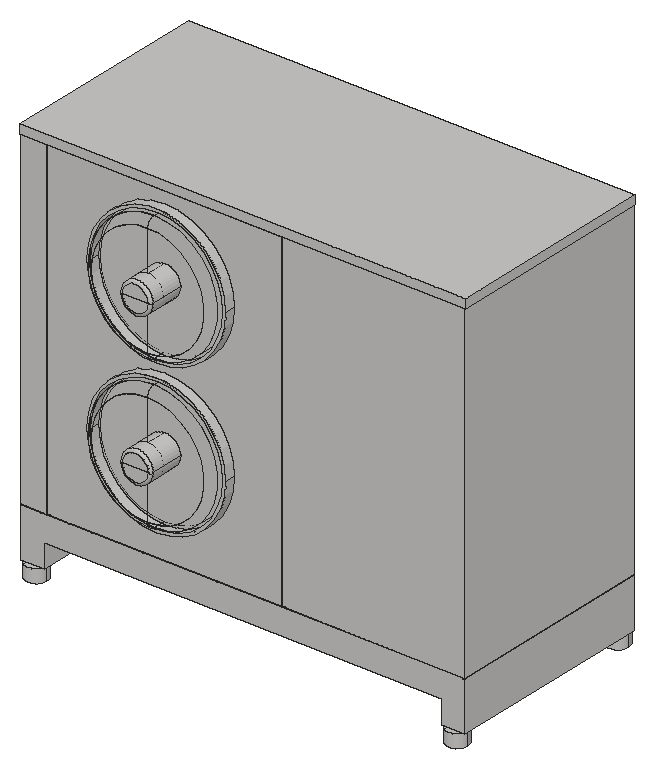
Revit family "QF_NuovAIR_CU-N200T1----", category Specialty Equipment, Revit 2019
Family settings
  Round Connector Dimension = Use Diameter
  Part Type = Normal
  Work Plane-Based = No
  Always vertical = Yes
  Cut with Voids When Loaded = No
  Shared = No
  Room Calculation Point = No
Parameters (values of type "CU-N200T1_400V 50A")
  Weight = 444.00 kg
  Volts = 400 V
  Volt Free Conn = no
  URL Manufacturer = "https://www.nuovair.com/"
  URL Cutsheet = "N200T1-en-1.pdf"
  URL = ""
  Show Logo [instance] = yes
  Show Clearance [instance] = no
  Refrigeration Suction Line Size = 35 mm
  Refrigeration Liquid Line Size = 18 mm
  Refrigeration Energy Efficiency Index = ""
  Refrigeration Climate Class = ""
  Refrigerant Type = "R452a"
  Refrigerant Compressor Remote = no
  Potential Equalisation = yes
  Phase = 3
  Number of Poles = 3
  Model = "CU-N200T1"
  Mat_Legs = QF_Stainless-Brushed
  Mat_Clearance = QF_Clearance
  Mat_Case = QF_Stainless-Brushed
  Masterspec = ""
  Manufacturer = "NUOVAIR"
  Main switch integrated = no
  Length Actual = 1700 mm  # constant formula
  Legs_R = 40 mm  # constant formula
  Keynote = "0"
  Item Number = "CU-N200T1"
  Identify Quantity as Lot = no
  Horse Power = "12"
  Height Actual = 1545 mm  # constant formula
  Foodservice Equipment Identifier = yes
  Energy Efficiency Labelling = ""
  FL Amps = 26.6 A
  Electric power = 13300000 W
  Elec Connection Height = 1220 mm
  Ele_Note = ""
  Direct Waste Size = 0 mm
  Direct Waste Connection Height = 0 mm
  Description = "Condensing Unit"
  Description_FR = ""
  Description_ES = ""
  Description_EN = ""
  Description_DE = ""
  Depth Actual = 945 mm  # constant formula
  Cycle = 50 Hz
  Conn Plug = "terminal block"
  CE Approved = yes
  Author = ""
  Accessory = no
Types (3, lengths in mm): name | Volts | FL Amps | Cycle
  CU-N200T1_400V 50A | 400 V | 26.6 A | 50 Hz
  CU-N200T1_440V 60A | 440 V | 29.4 A | 60 Hz
  CU-N200T1_230V 60A | 230 V | 55.5 A | 60 Hz
Reference planes
  plane 1 "Center (Front/Back)": y = 0
  plane 2: z = 0
  plane 3 "Center (Left/Right)": x = 0
  plane 4 "SX": x = -850
  plane 5 "DX": x = 850
  plane 6: y = -945
  plane 7: y = -2945
  plane 8 "top": z = 1545
  plane 9: y = 500
  plane 10: x = 1350
  plane 11: x = -1350
  plane 12 "Base": z = 140
  plane 13: z = 1510
  plane 14 "Logo_N": z = 50
  plane 15: x = -805
  plane 16: x = 805
  plane 17: y = -17.5
  plane 18: y = -787.5
  plane 19: y = -805
  plane 20 "Ventilator_X": x = -300
  plane 21 "Ventilator_Z_01": z = 620
  plane 22 "Ventilator_Z_02": z = 1200
  plane 23: z = 240
  plane 24: x = -750
  plane 25: x = 150
  plane 26: y = -100
Forms (mm)
  Extrusion 1, solid, material "QF_Clearance" <- "Mat_Clearance", visible <- "Show Clearance"
    sketch origin (0, 0, 0) x (1, 0, 0) y (0, 1, 0)
      loop
        line (-850, 500) -> (-850, -2945) -> (850, -2945) -> (850, 500) -> (-850, 500)
    from 0 to 1545
  Extrusion 2, solid, material "QF_Clearance" <- "Mat_Clearance", visible <- "Show Clearance"
    sketch origin (0, 0, 0) x (1, 0, 0) y (0, 1, 0)
      loop
        line (-850, 0) -> (-850, -945) -> (850, -945) -> (850, 0) -> (-850, 0)
    from 0 to 1545
  Extrusion 3, solid, material "QF_Stainless-Brushed" <- "Mat_Case", detail levels medium+fine
    sketch origin (0, 0, 140) x (-1, 0, 0) y (0, -1, 0)
      loop
        line (850, 0) -> (850, 805) -> (-850, 805) -> (-850, 0) -> (850, 0)
    from 0 to 1370
  Extrusion 4, solid, material "QF_Clearance", visible <- "Show Clearance"
    sketch origin (0, 0, 0) x (1, 0, 0) y (0, 1, 0)
      loop
        line (-1350, -945) -> (1350, -945) -> (1350, 0) -> (-1350, 0) -> (-1350, -945)
    from 0 to 1545
  Extrusion 5, solid, material "QF_Stainless-Brushed" <- "Mat_Legs", detail levels medium+fine
    sketch origin (0, 0, 0) x (1, 0, 0) y (0, 1, 0)
      loop
        circle (-805, -17.5) r 40
      loop
        circle (805, -17.5) r 40
      loop
        circle (-805, -787.5) r 40
      loop
        circle (805, -787.5) r 40
    from 0 to 50
  Extrusion 6, solid, material "QF_Stainless-Brushed" <- "Mat_Case", detail levels medium+fine
    sketch origin (0, 0, 140) x (-1, 0, 0) y (0, -1, 0)
      loop
        line (850, 805) -> (760, 805) -> (760, 0) -> (850, 0) -> (850, 805)
      loop
        line (-760, 805) -> (-850, 805) -> (-850, 0) -> (-760, 0) -> (-760, 805)
    from -90 to 0
  Extrusion 7, solid, material "QF_Stainless-Brushed", detail levels medium+fine
    sketch origin (-1430.553, -1524, 1510) x (-1, 0, 0) y (0, -1, 0)
      loop
        line (-578.553, -1526) -> (-578.553, -717) -> (-2282.553, -717) -> (-2282.553, -1526) -> (-578.553, -1526)
    from 0 to 35
  Sweep 8, void
    path origin (-1430.553, -1524, 240) x (-1, 0, 0) y (0, -1, 0)
      loop
        line (-580.553, -719) -> (-2280.553, -719) -> (-2280.553, -1524) -> (-580.553, -1524) -> (-580.553, -719)
    profile "PRF_scalpel : PRF_scalpel" origin (0, -805, 240) x (0, 1, 0) y (0, 0, 1)
      loop
        line (1, 0) -> (-1, 2) -> (-51, 2) -> (-51, -2) -> (-1, -2) -> (1, 0)
  Sweep 9, void
    path origin (-1543.062, -805, 7500) x (-1, 0, 0) y (0, 0, 1)
      loop
        line (-793.062, -5990) -> (-793.062, -7260)
    profile "PRF_scalpel : PRF_scalpel" origin (-750, -805, 875) x (-1, 0, 0) y (0, 1, 0)
      loop
        line (0, 1) -> (-2, -1) -> (-2, -51) -> (2, -51) -> (2, -1) -> (0, 1)
  Sweep 10, void
    path origin (-383.062, -805, 7500) x (-1, 0, 0) y (0, 0, 1)
      loop
        line (-533.062, -5990) -> (-533.062, -7260)
    profile "PRF_scalpel : PRF_scalpel" origin (150, -805, 875) x (-1, 0, 0) y (0, 1, 0)
      loop
        line (0, 1) -> (-2, -1) -> (-2, -51) -> (2, -51) -> (2, -1) -> (0, 1)
  Sweep 11, void
    path origin (-850, 180.447, 4000) x (0, 1, 0) y (0, 0, 1)
      loop
        line (-280.447, -2490) -> (-280.447, -3760)
    profile "PRF_scalpel : PRF_scalpel" origin (-850, -100, 875) x (0, 1, 0) y (1, 0, 0)
      loop
        line (0, 1) -> (-2, -1) -> (-2, -51) -> (2, -51) -> (2, -1) -> (0, 1)
  Sweep 12, void
    path origin (0, 0, 0) x (1, 0, 0) y (0, 0, 1)
      loop
        line (150, 1510) -> (150, 240)
    profile "PRF_scalpel : PRF_scalpel" origin (150, 0, 875) x (1, 0, 0) y (0, -1, 0)
      loop
        line (0, 1) -> (-2, -1) -> (-2, -51) -> (2, -51) -> (2, -1) -> (0, 1)
  Sweep 13, void
    path origin (-760, 0, 0) x (1, 0, 0) y (0, 0, 1)
      loop
        line (10, 1510) -> (10, 240)
    profile "PRF_scalpel : PRF_scalpel" origin (-750, 0, 875) x (1, 0, 0) y (0, -1, 0)
      loop
        line (0, 1) -> (-2, -1) -> (-2, -51) -> (2, -51) -> (2, -1) -> (0, 1)
Cuts and joins
  joined: Extrusion 1, Extrusion 2
  Sweep 8, Sweep 9, Sweep 10, Sweep 11, Sweep 12, Sweep 13 cuts Extrusion 3
  joined: Extrusion 3, Extrusion 6
Lines and regions (mm)
  model lines, style "InvisibleLines"
    curve 1: line (-50, 0, 0) -> (50, 0, 0)
    curve 2: line (0, 50, 0) -> (0, -50, 0)
  model lines, style "QF_Case", detail levels coarse
    curve 3: line (-850, 0, 0) -> (850, 0, 0)
    curve 4: line (-850, -945, 0) -> (-850, 0, 0)
    curve 5: line (850, -945, 0) -> (-850, -945, 0)
    curve 6: line (850, 0, 0) -> (850, -945, 0)
    curve 7: line (850, -945, 1545) -> (850, -945, 0)
    curve 8: line (850, 0, 1545) -> (850, 0, 0)
    curve 9: line (-850, -945, 1545) -> (-850, -945, 0)
    curve 10: line (-850, 0, 1545) -> (-850, 0, 0)
    curve 11: line (-850, 0, 1545) -> (850, 0, 1545)
    curve 12: line (-850, -945, 1545) -> (-850, 0, 1545)
    curve 13: line (850, -945, 1545) -> (-850, -945, 1545)
    curve 14: line (850, 0, 1545) -> (850, -945, 1545)
Dimensions and locks
  curve 1 to plane 3 "Center (Left/Right)" to curve 1 = 50 mm locked, 50 mm locked
  curve 2 to plane 1 "Center (Front/Back)" to curve 2 = 50 mm locked, 50 mm locked
  "Height Actual": plane 8 "top" to level
  "Depth Actual": plane 6 to plane 1 "Center (Front/Back)"
  equal spacing: plane 4 "SX", plane 3 "Center (Left/Right)", plane 5 "DX"
  "Length Actual": plane 4 "SX" to plane 5 "DX"
  plane 6 to plane 1 "Center (Front/Back)" = 945 mm
  locked: plane 1 "Center (Front/Back)" to plane 9 at 500
  locked: plane 6 to plane 7 at 2000
  locked: plane 5 "DX" to plane 10 at 500
  locked: plane 11 to plane 4 "SX" at 500
  locked: plane 12 "Base" to Extrusion 4 at 140
  plane 8 "top" to plane 13 = 35 mm
  locked: plane 14 "Logo_N" to plane 2 at 50
  locked: plane 4 "SX" to plane 15 at 45
  locked: plane 16 to plane 5 "DX" at 45
  locked: plane 17 to plane 1 "Center (Front/Back)" at 17.5
  locked: plane 18 to plane 19 at 17.5
  locked: plane 4 "SX" to Extrusion 6 sketch curve at 90
  locked: Extrusion 6 sketch curve to plane 5 "DX" at 90
  locked: Extrusion 7 sketch curve to plane 4 "SX" at 2
  locked: plane 5 "DX" to Extrusion 7 sketch curve at 2
  locked: plane 19 to Extrusion 7 sketch curve at 2
  locked: plane 1 "Center (Front/Back)" to Extrusion 7 sketch curve at 2
  plane 17 to plane 18 = 770 mm
  locked: plane 19 to plane 1 "Center (Front/Back)" at 805
  plane 19 to plane 6 = 140 mm
  locked: plane 20 "Ventilator_X" to plane 4 "SX" at 550
  locked: plane 21 "Ventilator_Z_01" to plane 2 at 620
  locked: plane 22 "Ventilator_Z_02" to plane 21 "Ventilator_Z_01" at 580
  locked: plane 23 to plane 12 "Base" at 100
  locked: plane 4 "SX" to plane 24 at 100
  locked: plane 4 "SX" to plane 25 at 1000
  locked: plane 26 to plane 1 "Center (Front/Back)" at 100
  "Legs_R": radius of Extrusion 5 sketch curve  (x4)
  aligned and locked: level to plane 2
  aligned and locked: Extrusion 1 sketch curve to plane 4 "SX"
  aligned and locked: plane 7 to Extrusion 1 sketch curve
  aligned and locked: Extrusion 1 sketch curve to plane 5 "DX"
  aligned and locked: plane 8 "top" to Extrusion 1
  aligned and locked: plane 1 "Center (Front/Back)" to curve 3
  aligned and locked: plane 6 to curve 5
  aligned and locked: curve 6 to plane 5 "DX"
  aligned and locked: plane 4 "SX" to curve 4
  aligned and locked: plane 8 "top" to curve 8
  aligned and locked: plane 8 "top" to curve 7
  aligned and locked: plane 8 "top" to curve 10
  aligned and locked: plane 8 "top" to curve 9
  aligned and locked: level to curve 8
  aligned and locked: level to curve 7
  aligned and locked: level to curve 10
  aligned and locked: level to curve 9
  aligned and locked: curve 8 to plane 1 "Center (Front/Back)"
  aligned and locked: curve 10 to plane 1 "Center (Front/Back)"
  aligned and locked: plane 6 to curve 7
  aligned and locked: plane 6 to curve 9
  aligned and locked: plane 1 "Center (Front/Back)" to Extrusion 2 sketch curve
  aligned and locked: plane 6 to Extrusion 2 sketch curve
  aligned and locked: plane 8 "top" to Extrusion 2
  aligned and locked: plane 1 "Center (Front/Back)" to curve 11
  aligned and locked: plane 6 to curve 13
  aligned and locked: plane 1 "Center (Front/Back)" to Extrusion 3 sketch curve
  aligned and locked: Extrusion 3 sketch curve to plane 5 "DX"
  aligned and locked: plane 4 "SX" to Extrusion 3 sketch curve
  aligned and locked: plane 1 "Center (Front/Back)" to nested 1
  aligned and locked: plane 1 "Center (Front/Back)" to nested 2
  aligned and locked: plane 5 "DX" to nested 1
  aligned and locked: plane 5 "DX" to nested 2
  aligned and locked: Extrusion 1 sketch curve to plane 9
  aligned and locked: Extrusion 4 sketch curve to plane 11
  aligned and locked: plane 10 to Extrusion 4 sketch curve
  aligned and locked: Extrusion 4 sketch curve to plane 6
  aligned and locked: Extrusion 4 sketch curve to plane 1 "Center (Front/Back)"
  aligned and locked: plane 8 "top" to Extrusion 4
  aligned and locked: Extrusion 4 to level
  aligned and locked: Extrusion 3 to plane 12 "Base"
  aligned and locked: plane 13 to Extrusion 3
  aligned and locked: plane 15 to Extrusion 5 sketch curve  (x2)
  aligned and locked: plane 16 to Extrusion 5 sketch curve  (x2)
  aligned and locked: plane 18 to Extrusion 5 sketch curve  (x2)
  aligned and locked: plane 17 to Extrusion 5 sketch curve  (x2)
  aligned and locked: Extrusion 5 to level
  aligned and locked: plane 14 "Logo_N" to Extrusion 5
  aligned and locked: Extrusion 6 sketch curve to plane 4 "SX"
  aligned and locked: plane 5 "DX" to Extrusion 6 sketch curve
  aligned and locked: Extrusion 6 sketch curve to plane 1 "Center (Front/Back)"  (x2)
  aligned and locked: Extrusion 6 sketch curve to plane 19  (x2)
  aligned and locked: Extrusion 6 to plane 14 "Logo_N"
  aligned and locked: plane 12 "Base" to Extrusion 6
  aligned and locked: plane 19 to Extrusion 3 sketch curve
  aligned and locked: Extrusion 7 to plane 13
  aligned and locked: plane 8 "top" to Extrusion 7
  aligned and locked: plane 5 "DX" to nested 3
  aligned and locked: plane 1 "Center (Front/Back)" to nested 3
  aligned and locked: nested 4 to plane 20 "Ventilator_X"
  aligned and locked: plane 22 "Ventilator_Z_02" to nested 4
  aligned and locked: plane 21 "Ventilator_Z_01" to nested 5
  aligned and locked: nested 5 to plane 20 "Ventilator_X"
  aligned and locked: Sweep 8 sketch curve to plane 1 "Center (Front/Back)"
  aligned and locked: Sweep 8 sketch curve to plane 19
  aligned and locked: Sweep 8 sketch curve to plane 4 "SX"
  aligned and locked: plane 5 "DX" to Sweep 8 sketch curve
  aligned and locked: plane 13 to Sweep 9 sketch curve
  aligned and locked: plane 23 to Sweep 9 sketch curve
  aligned and locked: Sweep 9 sketch curve to plane 24
  aligned and locked: plane 13 to Sweep 10 sketch curve
  aligned and locked: plane 23 to Sweep 10 sketch curve
  aligned and locked: Sweep 10 sketch curve to plane 25
  aligned and locked: plane 13 to Sweep 11 sketch curve
  aligned and locked: plane 23 to Sweep 11 sketch curve
  aligned and locked: plane 26 to Sweep 11 sketch curve
  aligned and locked: plane 13 to Sweep 12 sketch curve
  aligned and locked: plane 23 to Sweep 12 sketch curve
  aligned and locked: plane 25 to Sweep 12 sketch curve
  aligned and locked: plane 13 to Sweep 13 sketch curve
  aligned and locked: plane 23 to Sweep 13 sketch curve
  aligned and locked: plane 24 to Sweep 13 sketch curve
Automatic sketch dimensions
  curve 2 to plane 3 "Center (Left/Right)" = 0 mm
  plane 1 "Center (Front/Back)" to curve 1 = 0 mm
  curve 11 to plane 5 "DX" = 0 mm
  curve 13 to plane 4 "SX" = 0 mm
  Extrusion 2 sketch curve to plane 4 "SX" = 0 mm
  Extrusion 2 sketch curve to plane 5 "DX" = 0 mm
Nested families
  nested 1: "Connection_DxSx" at (850, 0, 977), type "KTM", not visible
    with Width_DX 0 mm, Width Offset 0 mm, Depth Offset 57.5 mm, DX no
  nested 2: "Connection_DxSx" at (850, 0, 285), type "KTM", not visible
    with Width_DX 0 mm, Width Offset 0 mm, Depth Offset 747.5 mm, DX no
  nested 3: "Connection_DxSx" at (850, 0, 1220), built-in parameter 1001364 <- "Elec Connection Height", type "KTM", not visible
    with Width_DX 0 mm, Width Offset 0 mm, Depth Offset 402.5 mm, DX no
  nested 4: "Ventilator_A" at (-300, -805, 1200) x (-1, 0, 0) z (0, -1, 0), Mat_A <- "Mat_Case", Mat_B <- "Mat_Case", type "Ventilator_A", detail levels medium+fine
    with Mat_C QF_Cross20x20, Mat_B QF_Stainless-Brushed, Mat_A QF_Stainless-Brushed
  nested 5: "Ventilator_A" at (-300, -805, 620) x (-1, 0, 0) z (0, -1, 0), Mat_A <- "Mat_Case", Mat_B <- "Mat_Case", type "Ventilator_A", detail levels medium+fine
    with Mat_C QF_Cross20x20, Mat_B QF_Stainless-Brushed, Mat_A QF_Stainless-Brushed
Connectors
  piping at (850.5, -57.5, 977), diameter 35, driven by "Refrigeration Suction Line Size"
    settings: on nested 1, index 3, connector inside diameter 609.6 mm, connector length 0 mm, flow factor 0, pipe flow 0.0 L/s, pressure drop 0.0 Pa, fitting loss kfactor 0, connector angle 0.00°, fixture units 0, engagement length 0 mm, angle of deflection 0.00°, flow configuration 0, flow direction 1, fitting loss method 0, system type 22, joint type 0, gender type 0, connector reference index -1, connector utility 0, adjustable connector no, is connector primary yes, connector description "Suction Line"
  piping at (850.5, -747.5, 285), diameter 18, driven by "Refrigeration Liquid Line Size"
    settings: on nested 2, index 4, connector inside diameter 609.6 mm, connector length 0 mm, flow factor 0, pipe flow 0.0 L/s, pressure drop 0.0 Pa, fitting loss kfactor 0, connector angle 0.00°, fixture units 0, engagement length 0 mm, angle of deflection 0.00°, flow configuration 0, flow direction 2, fitting loss method 0, system type 22, joint type 0, gender type 0, connector reference index -1, connector utility 0, adjustable connector no, is connector primary no, connector description "Liquid Line"
  electrical at (850.5, -402.5, 1220), driven by "Number of Poles", driven by "Volts", driven by "Electric power", driven by "Ele_Note"
    settings: on nested 3, index 5, voltage 400 V, apparent load 13300000 VA, apparent load phase1 0 VA, apparent load phase2 0 VA, apparent load phase3 0 VA, power factor 1, load classification "Power", number of poles 3, system type 30, power factor state 1, is connector primary yes, connector utility no, sub classification motor no, connector description ""
Definition of nested family "Connection_DxSx"
  Parameters (values of type "KTM")
    Width_DX [instance] = if(DX, Width Offset * 2, 0 mm)  # 120 mm
    Width Offset [instance] = 60 mm
    Manufacturer = "Gjiom by www.RevitLandia.com"  # constant formula
    Depth Offset [instance] = 50 mm
    Default Elevation = 0 mm
    DX [instance] = yes
  Reference planes
    plane 1 "Center (Front/Back)": y = 0
    plane 2: z = 0
    plane 3 "Center (Left/Right)": x = 0
    plane 4 "Depth Offset": y = -50
    plane 5: x = 60
    plane 6: x = -60
  Forms (mm)
    Extrusion 1, solid
      sketch origin (0, 0, 0) x (1, 0, 0) y (0, 1, 0)
        loop
          circle (60, -50) r 15
      from -0.5 to 0.5
    Extrusion 2, solid
      sketch origin (0, -50, 0) x (-1, 0, 0) y (0, 0, 1)
        loop
          circle (-60, 0) r 15
      from -0.5 to 0.5
    Extrusion 3, solid
      sketch origin (60, 93.537, 4000) x (0, 1, 0) y (0, 0, 1)
        loop
          circle (-143.537, -4000) r 15
      from -0.5 to 0.5
  Lines and regions (mm)
    model lines
      curve 1: line (0, 0, 0) -> (0, -20, 0)
  Dimensions and locks
    "Depth Offset": plane 1 "Center (Front/Back)" to plane 4 "Depth Offset"
    "Width Offset": plane 6 to plane 3 "Center (Left/Right)"
    "Width_DX": plane 6 to plane 5
    aligned and locked: level to plane 2
    aligned and locked: plane 4 "Depth Offset" to Extrusion 1 sketch curve
    aligned and locked: level to Extrusion 2 sketch curve
    aligned and locked: level to Extrusion 3 sketch curve
    aligned and locked: plane 4 "Depth Offset" to Extrusion 3 sketch curve
    aligned and locked: plane 5 to Extrusion 1 sketch curve
    aligned and locked: plane 5 to Extrusion 2 sketch curve
  Automatic sketch dimensions
    curve 1 to plane 3 "Center (Left/Right)" = 0 mm
    plane 1 "Center (Front/Back)" to curve 1 = 0 mm
    plane 1 "Center (Front/Back)" to curve 1 = 20 mm
    radius of Extrusion 1 sketch curve = 15 mm
    radius of Extrusion 2 sketch curve = 15 mm
    radius of Extrusion 3 sketch curve = 15 mm
Definition of nested family "Ventilator_A"
  Parameters (values of type "Ventilator_A")
    Mat_C [instance] = none
    Mat_A [instance] = none
    Default Elevation = 1219.2 mm
    Mat_B [instance] = none
  Reference planes
    plane 1 "Centro (Fronte/Retro)": y = 0
    plane 2: z = 0
    plane 3 "Centro (Sinistra/Destra)": x = 0
    plane 4: z = 40
    plane 5: z = 80
    plane 6: z = 140
  Forms (mm)
    Extrusion 1, solid, material <- "Mat_A"
      sketch origin (0, 0, 0) x (1, 0, 0) y (0, 1, 0)
        loop
          circle (0, 0) r 265
        loop
          circle (0, 0) r 255
      from 0 to 40
    Revolve 2, solid, material <- "Mat_B"
      sketch origin (0, 0, 0) x (1, 0, 0) y (0, 0, 1)
        loop
          arc (-50, 140) -> (-57.071, 137.071) -> (-60, 130) r 10
          line (-60, 130) -> (-60, 0) -> (0, 0) -> (0, 140) -> (-50, 140)
        axis (0, 140) -> (0, 0)
      angle from 0 to 360
    Revolve 3, solid, material <- "Mat_C"
      sketch origin (0, 0, 0) x (0, 1, 0) y (0, 0, 1)
        loop
          arc (-215, 80) -> (-236.213, 71.213) -> (-245, 50) r 30
          line (-245, 50) -> (-245, 0) -> (-60, 0) -> (-60, 80) -> (-215, 80)
        axis (0, 0) -> (0, 80)
      angle from 0 to 360
  Dimensions and locks
    locked: plane 4 to level at 40
    locked: plane 5 to level at 80
    locked: plane 6 to level at 140
    locked: plane 3 "Centro (Sinistra/Destra)" to Revolve 2 sketch curve at 60
    locked: Revolve 3 sketch curve to plane 1 "Centro (Fronte/Retro)" at 60
    locked: Revolve 3 sketch curve to plane 1 "Centro (Fronte/Retro)" at 245
    aligned and locked: level to plane 2
    aligned and locked: plane 3 "Centro (Sinistra/Destra)" to Extrusion 1 sketch curve  (x2)
    aligned and locked: plane 1 "Centro (Fronte/Retro)" to Extrusion 1 sketch curve  (x2)
    aligned and locked: Extrusion 1 to level
    aligned and locked: plane 4 to Extrusion 1
    aligned and locked: Revolve 2 sketch curve to plane 3 "Centro (Sinistra/Destra)"  (x2)
    aligned and locked: Revolve 2 sketch curve to plane 6
    aligned and locked: level to Revolve 2 sketch curve
    aligned and locked: Revolve 3 sketch curve to plane 5
    aligned and locked: plane 2 to Revolve 3 sketch curve
    aligned and locked: Revolve 3 sketch curve to plane 1 "Centro (Fronte/Retro)"
